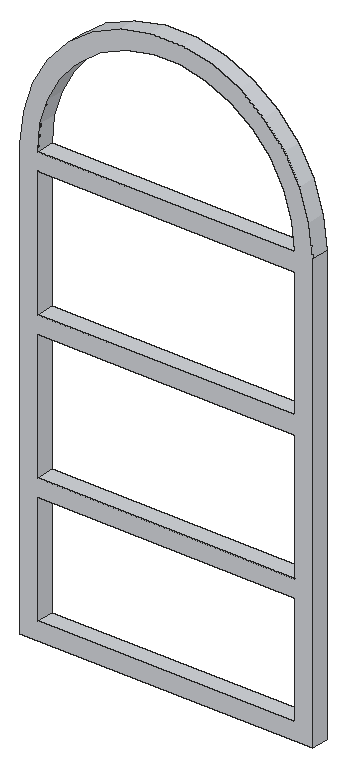
Revit family "Okno", category Okna, Revit 2017
Family settings
  Hostitel = Stěna
  Číslo OmniClass = 23.30.20.00
  Nadpis OmniClass = Windows
  Vždy vertikální = Ano
  Ořezat dutým tvarem při načtení = Ne
  Sdílené = Ne
  Bod výpočtu místnosti = Ne
Parameters
  Výška = 1500 mm
  Výchozí výška parapetu = 800 mm
  Zakončení stěny = Podle hostitele
  Šířka = 1000 mm
  Odsadenie od vonk. plochy steny [instance] = 50 mm
Reference planes
  plane 1 "Střed (vpředu/vzadu)": y = 0
  plane 2 "Střed (vlevo/vpravo)": x = 0
  plane 3 "Levý": x = -500
  plane 4 "Pravý": x = 500
  plane 5 "Parapet": z = 800
  plane 6 "Hlavní část": z = 2300
  plane 7 "Exteriér": y = 100
  plane 8 "Interiér": y = -100
  plane 9: z = 1800
  plane 10: z = 1300
  plane 11 "ods": y = 50
Forms (mm)
  Sweep 1, solid
    path origin (-989.608, 50, 2300) x (-1, 0, 0) y (0, 0, 1)
      loop
        line (-489.608, -1500) -> (-489.608, 0)
        arc (-489.608, 0) -> (-989.608, 500) -> (-1489.608, 0) r 500
        line (-1489.608, 0) -> (-1489.608, -1500) -> (-489.608, -1500)
    profile origin (-500, 50, 1550) x (1, 0, 0) y (0, 1, 0)
      loop
        line (60, 0) -> (0, 0) -> (0, -60) -> (60, -60) -> (60, 0)
  Sweep 2, solid
    path origin (-989.608, 50, 2300) x (-1, 0, 0) y (0, 0, 1)
      loop
        line (-489.608, 0) -> (-1489.608, 0)
    profile origin (0, 50, 2300) x (0, 0, -1) y (0, 1, 0)
      loop
        line (60, 0) -> (0, 0) -> (0, -60) -> (60, -60) -> (60, 0)
  Sweep 3, solid
    path origin (-989.608, 50, 1800) x (-1, 0, 0) y (0, 0, 1)
      loop
        line (-489.608, 0) -> (-1489.608, 0)
    profile origin (0, 50, 1800) x (0, 0, -1) y (0, 1, 0)
      loop
        line (60, 0) -> (0, 0) -> (0, -60) -> (60, -60) -> (60, 0)
  Sweep 4, solid
    path origin (-989.608, 50, 1300) x (-1, 0, 0) y (0, 0, 1)
      loop
        line (-489.608, 0) -> (-1489.608, 0)
    profile origin (0, 50, 1300) x (0, 0, -1) y (0, 1, 0)
      loop
        line (60, 0) -> (0, 0) -> (0, -60) -> (60, -60) -> (60, 0)
Cuts and joins
  joined: Sweep 1, Sweep 2, Sweep 3, Sweep 4
Lines and regions (mm)
  Opening 1
    outline origin (3500, -100, 0) x (1, 0, 0) y (0, 0, 1)
      loop
        line (-3000, 800) -> (-3000, 2300)
        arc (-3000, 2300) -> (-3500, 2800) -> (-4000, 2300) r 500
        line (-4000, 2300) -> (-4000, 800) -> (-3000, 800)
Text (mm)
  text "EXTERIOR" at (-1963.203, 1332.353, 0), in view "Ref. podlaží"
  text "INTERIOR" at (-1981.466, -818.386, 0), in view "Ref. podlaží"
  text "Exterior" at (0, 923.751, 2943.296), in view "Pravý"
  text "Exterior" at (0, 1040.484, 2685.409), in view "Levý"
Dimensions and locks
  equal spacing: plane 3 "Levý", plane 2 "Střed (vlevo/vpravo)", plane 4 "Pravý"
  "Šířka": plane 3 "Levý" to plane 4 "Pravý"
  "Výška": plane 5 "Parapet" to plane 6 "Hlavní část"
  "Výchozí výška parapetu": plane 5 "Parapet" to level
  locked: plane 7 "Exteriér" to host wall at 0
  locked: plane 8 "Interiér" to host wall
  equal spacing: plane 6 "Hlavní část", plane 9, plane 10, plane 5 "Parapet"
  "Odsadenie od vonk. plochy steny": host wall to plane 11 "ods"
  aligned and locked: plane 6 "Hlavní část" to Sweep 2 sketch curve
  aligned and locked: plane 9 to Sweep 3 sketch curve
  aligned and locked: plane 10 to Sweep 4 sketch curve
Automatic sketch dimensions
  plane 3 "Levý" to Opening 1 sketch curve = 0 mm
  plane 2 "Střed (vlevo/vpravo)" to Opening 1 sketch curve = 0 mm
  Opening 1 sketch curve to plane 5 "Parapet" = 0 mm
  Opening 1 sketch curve to plane 6 "Hlavní část" = 0 mm
  plane 4 "Pravý" to Sweep 1 sketch curve = 0 mm
  plane 2 "Střed (vlevo/vpravo)" to Sweep 1 sketch curve = 0 mm
  Sweep 1 sketch curve to plane 5 "Parapet" = 0 mm
  Sweep 1 sketch curve to plane 6 "Hlavní část" = 0 mm
  Sweep 1 sketch curve to profile plane = 0 mm
  Sweep 1 sketch curve to profile plane = 60 mm
  profile plane to Sweep 1 sketch curve = 0 mm
  Sweep 1 sketch curve to Sweep 1 sketch curve = 60 mm
  plane 4 "Pravý" to Sweep 2 sketch curve = 0 mm
  plane 3 "Levý" to Sweep 2 sketch curve = 0 mm
  Sweep 2 sketch curve to profile plane = 0 mm  (x2)
  Sweep 2 sketch curve to Sweep 2 sketch curve = 60 mm  (x2)
  Sweep 3 sketch curve to plane 11 "ods" = 0 mm
  Sweep 3 sketch curve to profile plane = 0 mm
  Sweep 3 sketch curve to Sweep 3 sketch curve = 60 mm  (x2)
  Sweep 4 sketch curve to plane 11 "ods" = 0 mm
  Sweep 4 sketch curve to profile plane = 0 mm
  Sweep 4 sketch curve to Sweep 4 sketch curve = 60 mm  (x2)
  plane 4 "Pravý" to Sweep 3 sketch curve = 0 mm
  plane 3 "Levý" to Sweep 3 sketch curve = 0 mm
  plane 4 "Pravý" to Sweep 4 sketch curve = 0 mm
  plane 3 "Levý" to Sweep 4 sketch curve = 0 mm
